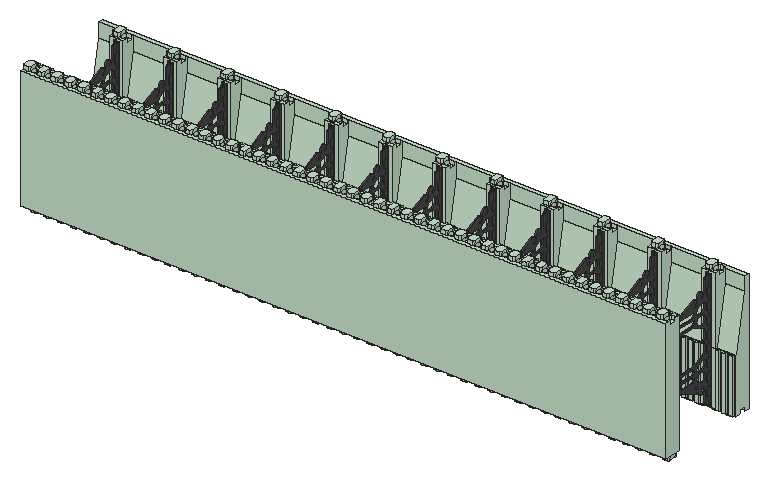
Revit family (continued)
Definition of nested family "NUDURA Logo Diamond"
  Lines and regions (mm)
    model lines
      curve 17: line (300.245, 0, 451.711) -> (291.265, 0, 442.73)
      curve 18: line (318.205, 0, 442.73) -> (309.225, 0, 451.711)
      curve 19: line (309.225, 0, 424.77) -> (318.205, 0, 433.75)
      curve 20: line (291.265, 0, 433.75) -> (300.245, 0, 424.77)
      curve 21: arc (289.468, 0, 444.526) -> (286.865, 0, 438.24) -> (289.468, 0, 431.954) r 8.89
      curve 22: arc (298.449, 0, 453.507) -> (304.735, 0, 456.111) -> (311.021, 0, 453.507) r 8.89
      curve 23: arc (291.265, 0, 442.73) -> (289.405, 0, 438.24) -> (291.265, 0, 433.75) r 6.35
      curve 24: arc (318.205, 0, 442.73) -> (320.065, 0, 438.24) -> (318.205, 0, 433.75) r 6.35
      curve 25: arc (309.225, 0, 424.77) -> (304.735, 0, 422.91) -> (300.245, 0, 424.77) r 6.35
      curve 26: arc (300.245, 0, 451.711) -> (304.735, 0, 453.571) -> (309.225, 0, 451.711) r 6.35
      curve 27: arc (320.001, 0, 444.526) -> (322.605, 0, 438.24) -> (320.001, 0, 431.954) r 8.89
      curve 28: arc (295.497, 0, 425.925) -> (298.287, 0, 419.19) -> (295.497, 0, 412.455) r 9.525
      curve 29: arc (313.973, 0, 425.925) -> (311.183, 0, 419.19) -> (313.973, 0, 412.455) r 9.525
      curve 30: line (313.973, 0, 387.825) -> (320.001, 0, 393.854)
      curve 31: line (289.468, 0, 393.854) -> (295.497, 0, 387.825)
      curve 32: line (300.245, 0, 413.611) -> (291.265, 0, 404.63)
      curve 33: line (318.205, 0, 404.63) -> (309.225, 0, 413.611)
      curve 34: line (309.225, 0, 386.67) -> (318.205, 0, 395.65)
      curve 35: line (291.265, 0, 395.65) -> (300.245, 0, 386.67)
      curve 36: arc (289.468, 0, 406.426) -> (286.865, 0, 400.14) -> (289.468, 0, 393.854) r 8.89
      curve 37: arc (291.265, 0, 404.63) -> (289.405, 0, 400.14) -> (291.265, 0, 395.65) r 6.35
      curve 38: arc (318.205, 0, 404.63) -> (320.065, 0, 400.14) -> (318.205, 0, 395.65) r 6.35
      curve 39: arc (309.225, 0, 386.67) -> (304.735, 0, 384.81) -> (300.245, 0, 386.67) r 6.35
      curve 40: arc (300.245, 0, 413.611) -> (304.735, 0, 415.471) -> (309.225, 0, 413.611) r 6.35
      curve 41: arc (320.001, 0, 406.426) -> (322.605, 0, 400.14) -> (320.001, 0, 393.854) r 8.89
      curve 42: line (295.497, 0, 412.455) -> (289.468, 0, 406.426)
      curve 43: line (320.001, 0, 406.426) -> (313.973, 0, 412.455)
      curve 44: arc (295.497, 0, 387.825) -> (298.287, 0, 381.09) -> (295.497, 0, 374.355) r 9.525
      curve 45: arc (313.973, 0, 387.825) -> (311.183, 0, 381.09) -> (313.973, 0, 374.355) r 9.525
      curve 46: line (313.973, 0, 349.725) -> (320.001, 0, 355.754)
      curve 47: line (289.468, 0, 355.754) -> (295.497, 0, 349.725)
      curve 48: line (300.245, 0, 375.511) -> (291.265, 0, 366.53)
      curve 49: line (318.205, 0, 366.53) -> (309.225, 0, 375.511)
      curve 50: line (309.225, 0, 348.57) -> (318.205, 0, 357.55)
      curve 51: line (291.265, 0, 357.55) -> (300.245, 0, 348.57)
      curve 52: arc (289.468, 0, 368.326) -> (286.865, 0, 362.04) -> (289.468, 0, 355.754) r 8.89
      curve 53: arc (291.265, 0, 366.53) -> (289.405, 0, 362.04) -> (291.265, 0, 357.55) r 6.35
      curve 54: arc (318.205, 0, 366.53) -> (320.065, 0, 362.04) -> (318.205, 0, 357.55) r 6.35
      curve 55: arc (309.225, 0, 348.57) -> (304.735, 0, 346.71) -> (300.245, 0, 348.57) r 6.35
      curve 56: arc (300.245, 0, 375.511) -> (304.735, 0, 377.371) -> (309.225, 0, 375.511) r 6.35
      curve 57: arc (320.001, 0, 368.326) -> (322.605, 0, 362.04) -> (320.001, 0, 355.754) r 8.89
      curve 58: line (295.497, 0, 374.355) -> (289.468, 0, 368.326)
      curve 59: arc (295.497, 0, 349.725) -> (298.287, 0, 342.99) -> (295.497, 0, 336.255) r 9.525
      curve 60: arc (313.973, 0, 349.725) -> (311.183, 0, 342.99) -> (313.973, 0, 336.255) r 9.525
      curve 61: line (324.683, 0, 325.545) -> (313.973, 0, 336.255)
      curve 62: line (284.787, 0, 325.545) -> (286.583, 0, 323.749)
      curve 63: arc (300.245, 0, 337.411) -> (304.735, 0, 339.271) -> (309.225, 0, 337.411) r 6.35
      curve 64: line (320.001, 0, 12.854) -> (311.021, 0, 3.874)
      curve 65: line (313.973, 0, 31.455) -> (320.001, 0, 25.426)
      curve 66: line (320.001, 0, 50.954) -> (313.973, 0, 44.925)
      curve 67: line (313.973, 0, 69.555) -> (320.001, 0, 63.526)
      curve 68: line (320.001, 0, 89.054) -> (313.973, 0, 83.025)
      curve 69: line (313.973, 0, 107.655) -> (320.001, 0, 101.626)
      curve 70: line (309.225, 0, 119.97) -> (322.887, 0, 133.632)
      curve 71: line (322.887, 0, 133.632) -> (324.683, 0, 131.836)
      curve 72: line (286.583, 0, 133.632) -> (300.245, 0, 119.97)
      curve 73: line (295.497, 0, 121.125) -> (284.787, 0, 131.836)
      curve 74: line (289.468, 0, 101.626) -> (295.497, 0, 107.655)
      curve 75: line (295.497, 0, 83.025) -> (289.468, 0, 89.054)
      curve 76: line (289.468, 0, 63.526) -> (295.497, 0, 69.555)
      curve 77: line (295.497, 0, 44.925) -> (289.468, 0, 50.954)
      curve 78: line (289.468, 0, 25.426) -> (295.497, 0, 31.455)
      curve 79: line (298.449, 0, 3.874) -> (289.468, 0, 12.854)
      curve 80: line (300.245, 0, 5.67) -> (291.265, 0, 14.65)
      curve 81: line (318.205, 0, 14.65) -> (309.225, 0, 5.67)
      curve 82: line (309.225, 0, 32.611) -> (318.205, 0, 23.63)
      curve 83: line (291.265, 0, 23.63) -> (300.245, 0, 32.611)
      curve 84: arc (289.468, 0, 12.854) -> (286.865, 0, 19.14) -> (289.468, 0, 25.426) r 8.89
      curve 85: arc (298.449, 0, 3.874) -> (304.735, 0, 1.27) -> (311.021, 0, 3.874) r 8.89
      curve 86: arc (291.265, 0, 14.65) -> (289.405, 0, 19.14) -> (291.265, 0, 23.63) r 6.35
      curve 87: arc (318.205, 0, 14.65) -> (320.065, 0, 19.14) -> (318.205, 0, 23.63) r 6.35
      curve 88: arc (309.225, 0, 32.611) -> (304.735, 0, 34.471) -> (300.245, 0, 32.611) r 6.35
      curve 89: arc (300.245, 0, 5.67) -> (304.735, 0, 3.81) -> (309.225, 0, 5.67) r 6.35
      curve 90: arc (320.001, 0, 12.854) -> (322.605, 0, 19.14) -> (320.001, 0, 25.426) r 8.89
      curve 91: arc (295.497, 0, 31.455) -> (298.287, 0, 38.19) -> (295.497, 0, 44.925) r 9.525
      curve 92: arc (313.973, 0, 31.455) -> (311.183, 0, 38.19) -> (313.973, 0, 44.925) r 9.525
      curve 93: line (313.973, 0, 69.555) -> (320.001, 0, 63.526)
      curve 94: line (289.468, 0, 63.526) -> (295.497, 0, 69.555)
      curve 95: line (300.245, 0, 43.77) -> (291.265, 0, 52.75)
      curve 96: line (318.205, 0, 52.75) -> (309.225, 0, 43.77)
      curve 97: line (309.225, 0, 70.711) -> (318.205, 0, 61.73)
      curve 98: line (291.265, 0, 61.73) -> (300.245, 0, 70.711)
      curve 99: arc (289.468, 0, 50.954) -> (286.865, 0, 57.24) -> (289.468, 0, 63.526) r 8.89
      curve 100: arc (291.265, 0, 52.75) -> (289.405, 0, 57.24) -> (291.265, 0, 61.73) r 6.35
      curve 101: arc (318.205, 0, 52.75) -> (320.065, 0, 57.24) -> (318.205, 0, 61.73) r 6.35
      curve 102: arc (309.225, 0, 70.711) -> (304.735, 0, 72.571) -> (300.245, 0, 70.711) r 6.35
      curve 103: arc (300.245, 0, 43.77) -> (304.735, 0, 41.91) -> (309.225, 0, 43.77) r 6.35
      curve 104: arc (320.001, 0, 50.954) -> (322.605, 0, 57.24) -> (320.001, 0, 63.526) r 8.89
      curve 105: line (295.497, 0, 44.925) -> (289.468, 0, 50.954)
      curve 106: line (320.001, 0, 50.954) -> (313.973, 0, 44.925)
      curve 107: arc (295.497, 0, 69.555) -> (298.287, 0, 76.29) -> (295.497, 0, 83.025) r 9.525
      curve 108: arc (313.973, 0, 69.555) -> (311.183, 0, 76.29) -> (313.973, 0, 83.025) r 9.525
      curve 109: line (313.973, 0, 107.655) -> (320.001, 0, 101.626)
      curve 110: line (289.468, 0, 101.626) -> (295.497, 0, 107.655)
      curve 111: line (300.245, 0, 81.87) -> (291.265, 0, 90.85)
      curve 112: line (318.205, 0, 90.85) -> (309.225, 0, 81.87)
      curve 113: line (309.225, 0, 108.811) -> (318.205, 0, 99.83)
      curve 114: line (291.265, 0, 99.83) -> (300.245, 0, 108.811)
      curve 115: arc (289.468, 0, 89.054) -> (286.865, 0, 95.34) -> (289.468, 0, 101.626) r 8.89
      curve 116: arc (291.265, 0, 90.85) -> (289.405, 0, 95.34) -> (291.265, 0, 99.83) r 6.35
      curve 117: arc (318.205, 0, 90.85) -> (320.065, 0, 95.34) -> (318.205, 0, 99.83) r 6.35
      curve 118: arc (309.225, 0, 108.811) -> (304.735, 0, 110.671) -> (300.245, 0, 108.811) r 6.35
      curve 119: arc (300.245, 0, 81.87) -> (304.735, 0, 80.01) -> (309.225, 0, 81.87) r 6.35
      curve 120: arc (320.001, 0, 89.054) -> (322.605, 0, 95.34) -> (320.001, 0, 101.626) r 8.89
      curve 121: line (295.497, 0, 83.025) -> (289.468, 0, 89.054)
      curve 122: arc (295.497, 0, 107.655) -> (298.287, 0, 114.39) -> (295.497, 0, 121.125) r 9.525
      curve 123: arc (313.973, 0, 107.655) -> (311.183, 0, 114.39) -> (313.973, 0, 121.125) r 9.525
      curve 124: line (324.683, 0, 131.836) -> (313.973, 0, 121.125)
      curve 125: line (284.787, 0, 131.836) -> (286.583, 0, 133.632)
      curve 126: arc (300.245, 0, 119.97) -> (304.735, 0, 118.11) -> (309.225, 0, 119.97) r 6.35
      curve 127: line (314.26, 0, 317.59) -> (295.21, 0, 317.59)
      curve 128: line (323.785, 0, 149.315) -> (323.785, 0, 308.065)
      curve 129: line (285.685, 0, 308.065) -> (285.685, 0, 149.315)
      curve 130: line (295.21, 0, 139.79) -> (314.26, 0, 139.79)
      curve 131: line (316.797, 0, 304.89) -> (305.798, 0, 311.24)
      curve 132: line (316.797, 0, 292.19) -> (316.797, 0, 304.89)
      curve 133: line (311.298, 0, 289.015) -> (316.797, 0, 292.19)
      curve 134: line (305.373, 0, 292.436) -> (311.298, 0, 289.015)
      curve 135: line (310.447, 0, 295.365) -> (305.373, 0, 292.436)
      curve 136: line (299.874, 0, 307.82) -> (310.447, 0, 301.715)
      curve 137: line (310.447, 0, 301.715) -> (310.447, 0, 295.365)
      curve 138: line (305.798, 0, 311.24) -> (299.874, 0, 307.82)
      curve 139: line (299.023, 0, 295.611) -> (304.097, 0, 298.54)
      curve 140: line (304.097, 0, 298.54) -> (298.172, 0, 301.961)
      curve 141: line (298.172, 0, 301.961) -> (292.673, 0, 298.786)
      curve 142: line (292.673, 0, 298.786) -> (292.673, 0, 286.086)
      curve 143: line (299.023, 0, 289.261) -> (299.023, 0, 295.611)
      curve 144: line (309.596, 0, 283.156) -> (299.023, 0, 289.261)
      curve 145: line (303.671, 0, 279.736) -> (309.596, 0, 283.156)
      curve 146: line (292.673, 0, 286.086) -> (303.671, 0, 279.736)
      curve 147: line (312.702, 0, 269.344) -> (296.768, 0, 272.912)
      curve 148: line (296.768, 0, 272.912) -> (296.768, 0, 267.036)
      curve 149: line (296.768, 0, 267.036) -> (308.089, 0, 264.517)
      curve 150: line (308.089, 0, 264.517) -> (296.768, 0, 260.949)
      curve 151: line (296.768, 0, 260.949) -> (296.768, 0, 251.084)
      curve 152: line (296.768, 0, 251.084) -> (309.138, 0, 248.314)
      curve 153: line (309.138, 0, 248.314) -> (309.138, 0, 247.516)
      curve 154: line (309.138, 0, 247.516) -> (301.281, 0, 248.991)
      curve 155: line (296.768, 0, 245.246) -> (296.768, 0, 237.71)
      curve 156: line (306.598, 0, 222.094) -> (306.598, 0, 228.599)
      curve 157: line (306.598, 0, 228.599) -> (296.768, 0, 230.786)
      curve 158: line (296.768, 0, 230.786) -> (296.768, 0, 215.343)
      curve 159: line (302.723, 0, 230.274) -> (312.702, 0, 228.039)
      curve 160: line (300.341, 0, 217.291) -> (300.341, 0, 223.486)
      curve 161: line (300.341, 0, 223.486) -> (306.598, 0, 222.094)
      curve 162: line (296.768, 0, 205.027) -> (296.768, 0, 197.49)
      curve 163: line (302.723, 0, 190.055) -> (310.162, 0, 188.389)
      curve 164: line (310.162, 0, 188.389) -> (310.162, 0, 176.633)
      curve 165: line (308.892, 0, 175.363) -> (307.868, 0, 175.363)
      curve 166: line (306.598, 0, 176.633) -> (306.598, 0, 180.004)
      curve 167: line (306.598, 0, 180.004) -> (307.868, 0, 179.719)
      curve 168: line (307.868, 0, 179.719) -> (307.868, 0, 186.3)
      curve 169: line (307.868, 0, 186.3) -> (296.768, 0, 188.785)
      curve 170: line (296.768, 0, 188.785) -> (296.768, 0, 182.205)
      curve 171: line (296.768, 0, 182.205) -> (304.058, 0, 180.572)
      curve 172: line (304.058, 0, 180.572) -> (304.058, 0, 177.654)
      curve 173: line (302.788, 0, 176.384) -> (296.768, 0, 176.384)
      curve 174: line (296.768, 0, 176.384) -> (296.768, 0, 164.003)
      curve 175: line (296.768, 0, 164.003) -> (299.284, 0, 162.219)
      curve 176: line (299.284, 0, 162.219) -> (299.284, 0, 153.715)
      curve 177: line (307.942, 0, 156.079) -> (301.824, 0, 160.418)
      curve 178: line (301.824, 0, 160.418) -> (301.824, 0, 154.409)
      curve 179: line (301.824, 0, 154.409) -> (307.942, 0, 156.079)
      curve 180: line (299.284, 0, 153.715) -> (296.768, 0, 153.028)
      curve 181: line (296.768, 0, 153.028) -> (296.768, 0, 146.14)
      curve 182: line (296.768, 0, 146.14) -> (312.702, 0, 150.491)
      curve 183: line (312.702, 0, 150.491) -> (312.702, 0, 159.713)
      curve 184: line (312.702, 0, 159.713) -> (298.767, 0, 169.594)
      curve 185: line (298.767, 0, 169.594) -> (302.342, 0, 169.594)
      curve 186: line (312.702, 0, 172.383) -> (312.702, 0, 193.945)
      curve 187: line (312.702, 0, 193.945) -> (302.326, 0, 196.268)
      curve 188: line (300.341, 0, 198.747) -> (300.341, 0, 201.381)
      curve 189: line (301.888, 0, 202.62) -> (312.702, 0, 200.199)
      curve 190: line (312.702, 0, 200.199) -> (312.702, 0, 206.628)
      curve 191: line (312.702, 0, 206.628) -> (306.843, 0, 207.728)
      curve 192: line (312.702, 0, 212.942) -> (312.702, 0, 227.241)
      curve 193: line (312.702, 0, 227.241) -> (309.138, 0, 228.034)
      curve 194: line (309.138, 0, 228.034) -> (309.138, 0, 217.291)
      curve 195: line (312.702, 0, 228.039) -> (312.702, 0, 234.164)
      curve 196: line (312.702, 0, 234.164) -> (302.326, 0, 236.488)
      curve 197: line (300.341, 0, 238.966) -> (300.341, 0, 241.6)
      curve 198: line (301.736, 0, 242.874) -> (312.702, 0, 240.418)
      curve 199: line (312.702, 0, 240.418) -> (312.702, 0, 253.611)
      curve 200: line (312.702, 0, 253.611) -> (302.429, 0, 255.912)
      curve 201: line (302.429, 0, 255.912) -> (312.702, 0, 259.27)
      curve 202: line (312.702, 0, 259.27) -> (312.702, 0, 269.344)
      curve 203: arc (296.768, 0, 245.246) -> (298.145, 0, 248.178) -> (301.281, 0, 248.991) r 3.81
      curve 204: arc (296.768, 0, 237.71) -> (298.44, 0, 232.946) -> (302.723, 0, 230.274) r 7.62
      curve 205: arc (300.842, 0, 208.826) -> (297.87, 0, 211.5) -> (296.768, 0, 215.343) r 7.251
      curve 206: arc (296.768, 0, 205.027) -> (297.979, 0, 207.812) -> (300.842, 0, 208.826) r 3.808
      curve 207: arc (296.768, 0, 197.49) -> (298.44, 0, 192.727) -> (302.723, 0, 190.055) r 7.62
      curve 208: arc (300.341, 0, 198.747) -> (300.898, 0, 197.159) -> (302.326, 0, 196.268) r 2.54
      curve 209: arc (300.341, 0, 201.381) -> (300.817, 0, 202.372) -> (301.888, 0, 202.62) r 1.27
      curve 210: arc (307.868, 0, 175.363) -> (306.969, 0, 175.735) -> (306.598, 0, 176.633) r 1.27
      curve 211: arc (308.892, 0, 175.363) -> (309.79, 0, 175.735) -> (310.162, 0, 176.633) r 1.27
      curve 212: arc (304.058, 0, 177.654) -> (303.686, 0, 176.756) -> (302.788, 0, 176.384) r 1.27
      curve 213: arc (302.342, 0, 169.594) -> (303.976, 0, 170.198) -> (304.826, 0, 171.718) r 2.516
      curve 214: arc (304.826, 0, 171.718) -> (309.07, 0, 168.432) -> (312.702, 0, 172.383) r 3.966
      curve 215: arc (306.843, 0, 207.728) -> (310.942, 0, 209.02) -> (312.702, 0, 212.942) r 5.249
      curve 216: arc (300.341, 0, 217.291) -> (304.739, 0, 212.893) -> (309.138, 0, 217.291) r 4.398
      curve 217: arc (300.341, 0, 238.966) -> (300.898, 0, 237.378) -> (302.326, 0, 236.488) r 2.54
      curve 218: arc (300.341, 0, 241.6) -> (300.886, 0, 242.648) -> (302.057, 0, 242.802) r 1.279
      curve 219: arc (285.685, 0, 308.065) -> (288.475, 0, 314.8) -> (295.21, 0, 317.59) r 9.525
      curve 220: arc (314.26, 0, 317.59) -> (320.995, 0, 314.8) -> (323.785, 0, 308.065) r 9.525
      curve 221: arc (285.685, 0, 149.315) -> (288.475, 0, 142.58) -> (295.21, 0, 139.79) r 9.525
      curve 222: arc (314.26, 0, 139.79) -> (320.995, 0, 142.58) -> (323.785, 0, 149.315) r 9.525
      curve 223: line (253.935, 0, 457.2) -> (253.935, 0, 0)
      curve 224: line (355.535, 0, 457.2) -> (355.535, 0, 0)
      curve 225: line (406.335, 0, 457.2) -> (406.335, 0, 0)
